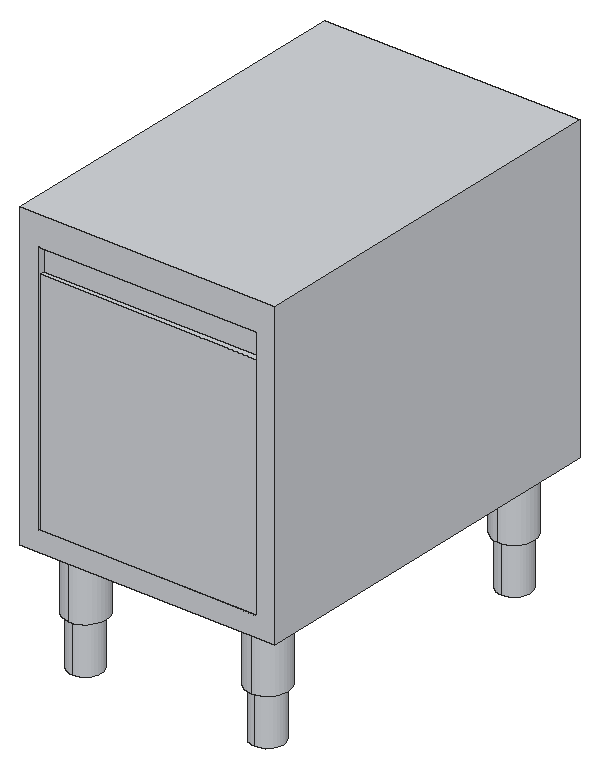
Revit family "Cupboard for 650 on feet", category Specialty Equipment, Revit 2025
Family settings
  Round Connector Dimension = Use Diameter
  Part Type = Normal
  OmniClass Number = 23.40.40.14.17.17
  OmniClass Title = Ranges
  Work Plane-Based = No
  Enable Cutting in Views = No
  Always vertical = Yes
  Cut with Voids When Loaded = No
  Maintain Annotation Orientation = No
  Shared = No
  Room Calculation Point = No
Parameters (values of type "Cupboard for 650 on feet")
  Width = 400 mm
  Weight = ""
  URL Cutsheet = ""
  URL = ""
  Specification by User [instance] = ""
  Specification by Manufacturer = ""
  Serial Number = ""
  Seismic Rating = ""
  SMACNA No = ""
  NAFEM Spec ID Number = ""
  Model = "650 on feet"
  Masterspec = ""
  Manufacturer = "ADVENTYS"
  Item Number [instance] = ""
  Installed By [instance] = ""
  Height = 246.5 mm
  HP = ""
  Furnished By [instance] = ""
  Foodservice Equipment Identifier [instance] = yes
  Description = "Cupboard for 650 on feet"
  Depth = 600 mm
  Default Elevation = 0 mm
  CSI MasterFormat = ""
Reference planes
  plane 1 "BACK": y = 0
  plane 2: z = 0
  plane 3 "LEFT": x = 0
  plane 4 "RIGHT": x = 400
  plane 5 "FRONT": y = -600
  plane 6 "TOP": z = 900
  plane 7: z = 653.5
  plane 8: z = 177.5
  plane 9: z = 77.5
  plane 10: y = -57.451
  plane 11: x = 56.669
Forms (mm)
  Extrusion 1, solid
    sketch origin (0, 0, 50) x (0, 1, 0) y (0, 0, 1)
      loop
        line (0, 603.5) -> (-600, 603.5) -> (-600, 127.5) -> (0, 127.5) -> (0, 603.5)
    from 0 to 400
  Extrusion 2, solid
    sketch origin (0, 0, 900) x (0, 1, 0) y (-1, 0, 0)
      loop
        circle (-57.451, -56.669) r 32
      loop
        circle (-57.451, -343.331) r 32
      loop
        circle (-542.549, -56.669) r 32
      loop
        circle (-542.549, -343.331) r 32
    from -822.5 to -722.5
  Extrusion 3, void
    sketch origin (0, 0, 0) x (0, 1, 0) y (0, 0, 1)
      loop
        line (-600, 608.5) -> (-600, 208.5) -> (-598.496, 208.5) -> (-598.496, 568.5) -> (-590, 568.5) -> (-590, 608.5) -> (-600, 608.5)
    from 29.298 to 371.9
  Extrusion 4, solid
    sketch origin (0, 0, 900) x (0, 1, 0) y (-1, 0, 0)
      loop
        circle (-57.451, -56.669) r 25
      loop
        circle (-57.451, -343.331) r 25
      loop
        circle (-542.549, -56.669) r 25
      loop
        circle (-542.549, -343.331) r 25
    from -900 to -822.5
Cuts and joins
  Extrusion 3 cuts Extrusion 1
Dimensions and locks
  "Width": plane 4 "RIGHT" to plane 3 "LEFT"
  "Height": plane 7 to plane 6 "TOP"
  "Depth": plane 5 "FRONT" to plane 1 "BACK"
  plane 6 "TOP" to level = 900 mm
  plane 7 to level = 653.5 mm
  plane 8 to level = 177.5 mm
  aligned and locked: level to plane 2
Automatic sketch dimensions
  Extrusion 1 sketch curve to plane 5 "FRONT" = 0 mm
  Extrusion 1 sketch curve to plane 1 "BACK" = 0 mm
  Extrusion 1 sketch curve to plane 8 = 0 mm
  Extrusion 1 sketch curve to plane 7 = 0 mm
  Extrusion 3 sketch curve to plane 5 "FRONT" = 0 mm
  Extrusion 3 sketch curve to plane 5 "FRONT" = 1.504 mm
  Extrusion 3 sketch curve to Extrusion 3 sketch curve = 10 mm
  plane 8 to Extrusion 3 sketch curve = 31 mm
  Extrusion 3 sketch curve to plane 7 = 85 mm
  Extrusion 3 sketch curve to Extrusion 3 sketch curve = 40 mm
  Extrusion 2 sketch curve to plane 5 "FRONT" = 57.451 mm  (x2)
  plane 1 "BACK" to Extrusion 2 sketch curve = 57.451 mm  (x2)
  Extrusion 2 sketch curve to plane 4 "RIGHT" = 56.669 mm  (x2)
  plane 3 "LEFT" to Extrusion 2 sketch curve = 56.669 mm  (x2)
  Extrusion 4 sketch curve to plane 11 = 0 mm  (x2)
  plane 10 to Extrusion 4 sketch curve = 0 mm  (x2)
  Extrusion 4 sketch curve to plane 5 "FRONT" = 57.451 mm  (x2)
  Extrusion 4 sketch curve to plane 4 "RIGHT" = 56.669 mm  (x2)
  radius of Extrusion 2 sketch curve = 32 mm  (x4)
  radius of Extrusion 4 sketch curve = 25 mm  (x4)
